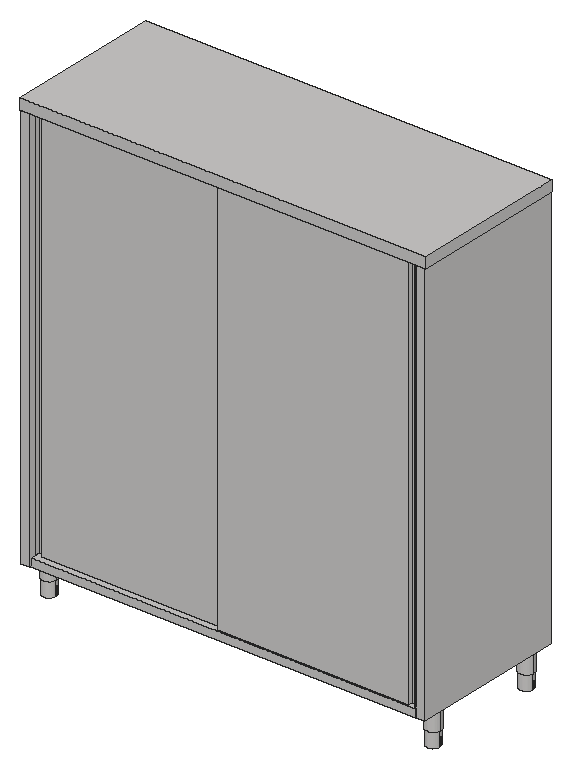
Revit family "QF_ZANUSSI_132892_SASH18N", category Attrezzature speciali, Revit 2020
Family settings
  Quota connettore circolare = Usa diametro
  Tipo di parte = Normale
  Basato su piano di lavoro = No
  Sempre verticale = Sì
  Taglio con vuoti quando caricato = No
  Condiviso = No
  Punto di calcolo locali = No
Parameters (values of type "Standard")
  Weight = 170.00 kg
  Watts = 0 W
  Volts = 0 V
  URL Manufacturer = "http://www.zanussiprofessional.com"
  URL = "http://www.zanussiprofessional.com"
  Steam Supply Size = 0 mm
  Steam Supply Minimum Pressure = 0.0 Pa
  Steam Supply Maximum Pressure = 0.0 Pa
  Steam Consumption per Hour = 0
  Refrigeration Suction Line Size = 0.0 mm
  Refrigeration Liquid Line Size = 0.0 mm
  Refrigerant Compressor Remote = yes
  Prospetto di default = 0.0 mm
  Phase = 0
  Modello = "SASH18N"
  Produttore = "Zanussi"
  Length Actual = 1800.0 mm  # constant formula
  Item Number = "132892"
  Hot Water Size = 0 mm
  Height Actual = 2000.0 mm  # constant formula
  HP = "0 HP"
  Gas Size = 0 mm
  Gas KW = 0
  Gas Input Pressure = 0 W
  Direct Waste Size = 0 mm
  Descrizione = "STORAGE CAB(H=2000)+SLIDING DOORS 1800MM"
  Depth Actual = 700.0 mm  # constant formula
  Cycle = 0 Hz
  Condensate Return Size = 0 mm
  Compressed Air Volume = 0.0 L/s
  Compressed Air Size = 0 mm
  Compressed Air Pressure = 0.0 Pa
  Cold Water Size = 0 mm
  Accessory = yes
Reference planes
  plane 1 "Center (Front/Back)": y = 0
  plane 2: z = 0
  plane 3 "Center (Left/Right)": x = -300
  plane 4 "LEFT": x = -1200
  plane 5 "RIGHT": x = 600
  plane 6 "BACK": y = 350
  plane 7 "FRONT": y = -350
  plane 8 "TOP": z = 2000
  plane 9: x = -1152
  plane 10: x = 552
  plane 11: y = 270
  plane 12: y = -247
  plane 13 "FEET": z = 150
  plane 14: x = -1154.5
  plane 15: y = -344.5
  plane 16: x = 554.5
  plane 17: x = -326.5
  plane 18: x = -273.5
  plane 19 "BaseTop": z = 1950
  plane 20: x = -1194.5
  plane 21: x = 594.5
  plane 22: y = 344.5
Forms (mm)
  Extrusion 1, solid, material "QF_Finishes_Stainless Steel"
    sketch origin (0, 0, 150) x (-1, 0, 0) y (0, -1, 0)
      loop
        line (1194.5, -350) -> (1194.5, 350) -> (1154.5, 350) -> (1154.5, -350) -> (1194.5, -350)
      loop
        line (-554.5, -350) -> (-554.5, 344.5) -> (-594.5, 344.5) -> (-594.5, -350) -> (-554.5, -350)
    from 0 to 1800
  Extrusion 2, solid, material "QF_Finishes_Stainless Steel"
    sketch origin (0, 0, 150) x (-1, 0, 0) y (0, -1, 0)
      loop
        line (1154.5, -347) -> (1154.5, 344.5) -> (-554.5, 344.5) -> (-554.5, -347) -> (1154.5, -347)
    from 0 to 35
  Extrusion 3, solid, material "QF_Finishes_Stainless Steel"
    sketch origin (0, 0, 150) x (-1, 0, 0) y (0, -1, 0)
      loop
        line (-554.5, -350) -> (1154.5, -350) -> (1154.5, -327) -> (-554.5, -327) -> (-554.5, -350)
    from 1800 to 35
  Extrusion 4, solid, material "QF_Finishes_Stainless Steel"
    sketch origin (0, 0, 1950) x (-1, 0, 0) y (0, -1, 0)
      loop
        line (1200, 350) -> (-600, 350) -> (-600, -350) -> (1200, -350) -> (1200, 350)
    from 0 to 50
  Extrusion 5, solid, material "QF_Finishes_Stainless Steel"
    sketch origin (33, 0, 150) x (-1, 0, 0) y (0, -1, 0)
      loop
        line (306.5, 324.5) -> (306.5, 304.5) -> (1185, 304.5) -> (1185, 324.5) -> (1183, 324.5) -> (1183, 309.5) -> (1156.034, 309.5) -> (1156.034, 324.5) -> (306.5, 324.5)
    from 1800 to 40
  Extrusion 6, solid, material "QF_Finishes_Stainless Steel"
    sketch origin (-633, 0, 150) x (1, 0, 0) y (0, 1, 0)
      loop
        line (306.5, -344.5) -> (1156.034, -344.5) -> (1156.034, -329.5) -> (1183, -329.5) -> (1183, -344.5) -> (1185, -344.5) -> (1185, -324.5) -> (306.5, -324.5) -> (306.5, -344.5)
    from 1800 to 40
Lines and regions (mm)
  symbolic lines, style "SpecialityEquipment"
    curve 1: line (-1200, 350, 1950) -> (600, 350, 1950)
    curve 2: line (-1200, -350, 1950) -> (-1200, 350, 1950)
    curve 3: line (600, -350, 1950) -> (-1200, -350, 1950)
    curve 4: line (600, 350, 1950) -> (600, -350, 1950)
  symbolic lines, style "SpecialityEquipmentHiddenLines"
    curve 5: line (-1200, -350, 1950) -> (600, 350, 1950)
    curve 6: line (-326.5, -324.5, 200) -> (-326.5, -344.5, 200)
    curve 7: line (-1152, -304.5, 1950) -> (-273.5, -304.5, 1950)
    curve 8: line (-273.5, -304.5, 1950) -> (-273.5, -324.5, 1950)
    curve 9: line (-273.5, -324.5, 1950) -> (-1152, -324.5, 1950)
    curve 10: line (-1152, -324.5, 1950) -> (-1152, -304.5, 1950)
    curve 11: line (-326.5, -344.5, 1950) -> (552, -344.5, 1950)
    curve 12: line (552, -344.5, 1950) -> (552, -324.5, 1950)
    curve 13: line (552, -324.5, 1950) -> (-273.5, -324.5, 1950)
Dimensions and locks
  plane 4 "LEFT" to plane 5 "RIGHT" = 1800.0 mm
  equal spacing: plane 4 "LEFT", plane 3 "Center (Left/Right)", plane 5 "RIGHT"
  plane 6 "BACK" to plane 7 "FRONT" = 700.0 mm
  equal spacing: plane 6 "BACK", plane 1 "Center (Front/Back)", plane 7 "FRONT"
  locked: plane 13 "FEET" to level at 150
  locked: plane 4 "LEFT" to plane 9 at 48
  locked: plane 10 to plane 5 "RIGHT" at 48
  locked: plane 6 "BACK" to plane 11 at 80
  locked: plane 12 to plane 7 "FRONT" at 103
  locked: plane 8 "TOP" to level at 2000
  locked: plane 17 to plane 18 at 53
  equal spacing: plane 17, plane 3 "Center (Left/Right)", plane 18
  plane 4 "LEFT" to plane 20 = 5.5 mm
  locked: plane 20 to plane 14 at 40
  locked: plane 16 to plane 21 at 40
  locked: plane 21 to plane 5 "RIGHT" at 5.5
  plane 15 to plane 7 "FRONT" = 5.5 mm  (x2)
  plane 6 "BACK" to plane 22 = 5.5 mm
  locked: plane 8 "TOP" to plane 19 "BaseTop" at 50
  aligned and locked: level to plane 2
  aligned and locked: plane 9 to nested 1
  aligned and locked: plane 10 to nested 2
  aligned and locked: nested 4 to plane 11
  aligned and locked: plane 9 to nested 3
  aligned and locked: nested 3 to plane 11
  aligned and locked: plane 6 "BACK" to Extrusion 1 sketch curve
  aligned and locked: Extrusion 1 sketch curve to plane 6 "BACK"
  aligned and locked: Extrusion 1 sketch curve to plane 7 "FRONT"
  aligned and locked: plane 14 to Extrusion 1
  aligned and locked: Extrusion 2 to plane 14
  aligned and locked: Extrusion 2 to plane 15
  aligned and locked: nested 1 to plane 12
  aligned and locked: nested 2 to plane 12
  aligned and locked: Extrusion 2 sketch curve to plane 16
  aligned and locked: nested 4 to nested 2
  aligned and locked: plane 16 to Extrusion 3
  aligned and locked: Extrusion 3 to plane 14
  aligned and locked: plane 19 "BaseTop" to Extrusion 3
Automatic sketch dimensions
  Extrusion 1 sketch curve to plane 15 = 0.0 mm
  Extrusion 1 sketch curve to plane 21 = 0.0 mm
  Extrusion 1 sketch curve to plane 16 = 0.0 mm
  Extrusion 1 sketch curve to plane 14 = 0.0 mm
  Extrusion 1 sketch curve to plane 20 = 0.0 mm
  Extrusion 2 sketch curve to plane 14 = 0.0 mm
  Extrusion 2 sketch curve to plane 15 = 0.0 mm
  plane 22 to Extrusion 2 sketch curve = 2.5 mm
  curve 6 to plane 15 = 0.0 mm
  curve 6 to plane 17 = 0.0 mm
  plane 15 to curve 6 = 20.0 mm
  Extrusion 3 sketch curve to plane 6 "BACK" = 0.0 mm
  Extrusion 3 sketch curve to plane 16 = 0.0 mm
  Extrusion 3 sketch curve to plane 14 = 0.0 mm
  plane 22 to Extrusion 3 sketch curve = 17.5 mm
  Extrusion 4 sketch curve to plane 5 "RIGHT" = 0.0 mm
  Extrusion 4 sketch curve to plane 4 "LEFT" = 0.0 mm
  Extrusion 4 sketch curve to plane 6 "BACK" = 0.0 mm
  Extrusion 4 sketch curve to plane 7 "FRONT" = 0.0 mm
  Extrusion 5 sketch curve to plane 18 = 0.0 mm
  Extrusion 5 sketch curve to plane 9 = 0.0 mm
  plane 9 to Extrusion 5 sketch curve = 28.966 mm
  plane 9 to Extrusion 5 sketch curve = 2.0 mm
  plane 15 to Extrusion 5 sketch curve = 40.0 mm
  Extrusion 5 sketch curve to Extrusion 5 sketch curve = 5.0 mm
  Extrusion 5 sketch curve to Extrusion 5 sketch curve = 15.0 mm  (x2)
  Extrusion 6 sketch curve to plane 17 = 0.0 mm
  Extrusion 6 sketch curve to plane 15 = 0.0 mm  (x2)
  Extrusion 6 sketch curve to plane 10 = 0.0 mm
  plane 10 to Extrusion 6 sketch curve = 28.966 mm
  Extrusion 6 sketch curve to plane 15 = 15.0 mm
  Extrusion 6 sketch curve to Extrusion 6 sketch curve = 20.0 mm
  Extrusion 6 sketch curve to Extrusion 6 sketch curve = 2.0 mm
  curve 1 to plane 5 "RIGHT" = 0.0 mm
  curve 11 to plane 10 = 0.0 mm
  curve 8 to plane 18 = 0.0 mm
  curve 11 to plane 17 = 0.0 mm
  curve 9 to plane 9 = 0.0 mm
  curve 3 to plane 4 "LEFT" = 0.0 mm
  curve 1 to plane 6 "BACK" = 0.0 mm
  curve 12 to plane 15 = 0.0 mm
  curve 4 to plane 7 "FRONT" = 0.0 mm
  plane 15 to curve 8 = 40.0 mm
  curve 13 to curve 11 = 20.0 mm
Nested families
  nested 1: "FEET_D60-150" at (-1152, -247, 0), type "FEET_D60-150"
  nested 2: "FEET_D60-150" at (552, -247, 0), type "FEET_D60-150"
  nested 3: "FEET_D60-150" at (-1152, 270, 0), type "FEET_D60-150"
  nested 4: "FEET_D60-150" at (552, 270, 0), type "FEET_D60-150"
Definition of nested family "FEET_D60-150"
  Parameters
    Default Elevation = 0.0 mm
    FEET = 150.0 mm
  Reference planes
    plane 1 "Center (Front/Back)": y = 0
    plane 2: z = 0
    plane 3 "Center (Left/Right)": x = 0
    plane 4: z = 150
  Forms (mm)
    Extrusion 1, solid
      sketch origin (0, 0, 0) x (1, 0, 0) y (0, 1, 0)
        loop
          circle (0, 0) r 28
      from 0 to 67
    Revolve 2, solid
      sketch origin (0, 0, 0) x (1, 0, 0) y (0, 0, 1)
        loop
          line (0, 0) -> (0, 150) -> (-32.939, 150) -> (-32.939, 67) -> (-30, 67) -> (-30, 0) -> (0, 0)
        axis (0, 150) -> (0, 0)
      angle from 0 to 360
  Lines and regions (mm)
    symbolic lines
      curve 1: line (0, -1.503, 0) -> (0, 1.508, 0)
      curve 2: line (1.561, 0, 0) -> (-1.439, 0, 0)
  Dimensions and locks
    "FEET": plane 4 to plane 2
    aligned and locked: level to plane 2
  Automatic sketch dimensions
    plane 1 "Center (Front/Back)" to Extrusion 1 sketch curve = 0.0 mm
    Extrusion 1 sketch curve to plane 3 "Center (Left/Right)" = 0.0 mm
    plane 1 "Center (Front/Back)" to curve 2 = 0.0 mm
    curve 1 to plane 3 "Center (Left/Right)" = 0.0 mm
    curve 2 to plane 3 "Center (Left/Right)" = 1.439 mm
    plane 3 "Center (Left/Right)" to curve 2 = 1.561 mm
    plane 1 "Center (Front/Back)" to curve 1 = 1.503 mm
    curve 1 to plane 1 "Center (Front/Back)" = 1.508 mm
    Revolve 2 sketch curve to plane 4 = 0.0 mm
    Revolve 2 sketch curve to level = 0.0 mm
    Revolve 2 sketch curve to plane 3 "Center (Left/Right)" = 0.0 mm  (x2)
    Revolve 2 sketch curve to plane 3 "Center (Left/Right)" = 30.0 mm
    Revolve 2 sketch curve to plane 3 "Center (Left/Right)" = 32.939 mm
    level to Revolve 2 sketch curve = 67.0 mm
    Revolve 2 sketch curve to level = 42.207 mm
    Revolve 2 sketch curve to Revolve 2 sketch curve = 10.0 mm
    radius of Extrusion 1 sketch curve = 28.0 mm
